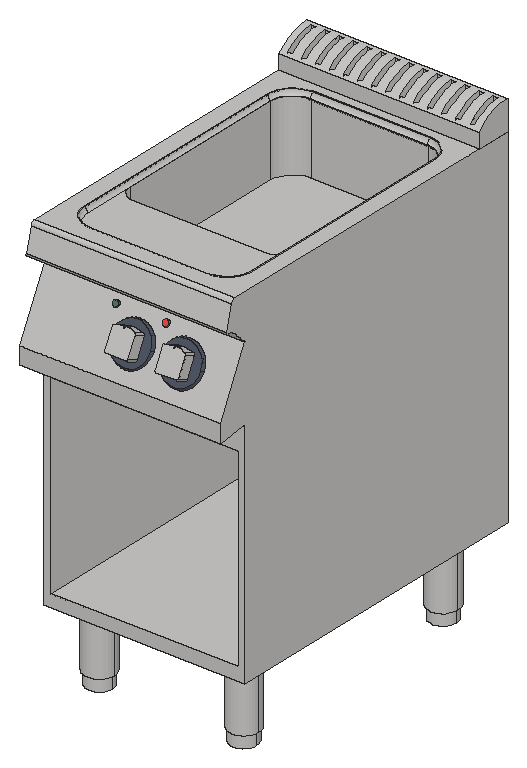
Revit family "QF_ZANUSSI_372109_Z7MFEDDD00", category Specialty Equipment, Revit 2018
Family settings
  Round Connector Dimension = Use Diameter
  Part Type = Normal
  Work Plane-Based = No
  Always vertical = Yes
  Cut with Voids When Loaded = No
  Shared = No
  Room Calculation Point = No
Parameters
  Width = 400 mm  # constant formula
  Weight in Pounds = 88  # constant formula
  Weight = 0.00 kg
  Watts = 5000 W  # constant formula
  Waste Water Discharge Temperature [instance] = -459.67 °F
  Volts = 400 V  # constant formula
  URL Manufacturer = "http://www.zanussiprofessional.com"
  URL Cutsheet = "www.electrolux.com/foodservice"
  URL = "http://www.zanussiprofessional.com"
  Type Mark [instance] = ""
  Steam Supply Size = 0"
  Steam Supply Minimum Pressure = 0.00 psi
  Steam Supply Maximum Pressure = 0.00 psi
  Steam Pounds per Hour = 0
  Status [instance] = ""
  Specification by User [instance] = ""
  Specification by Manufacturer = ""
  Show Logo [instance] = yes
  Show Clearance [instance] = yes
  Serial Number = ""
  Seismic Rating = ""
  SMACNA No = ""
  Revision Code [instance] = ""
  Refrigeration Suction Line Size = 0"
  Refrigeration Liquid Line Size = 0"
  Refrigerant Compressor Remote = yes
  Plumbing Remarks [instance] = ""
  Plumbing Connection Type [instance] = ""
  Phase = 3  # constant formula
  Omniclass Number and Title = ""
  Number of Poles [instance] = 1
  NAFEM Spec ID Number = ""
  Model = "Z7MFEDDD00"
  Min Ckt Ampacity = 0 A
  Max Overcurrent Protection = 0 A
  Masterspec = ""
  Manufacturer = "Zanussi"
  Length Actual = 400 mm  # constant formula
  Item Number [instance] = "372109"
  Installed By [instance] = ""
  Indirect Waste Size = 0"
  Indirect Waste Flow [instance] = 0 GPM
  Indirect Waste Connection Type [instance] = ""
  Indirect Waste Connection Height = 0 mm
  Identify Quantity as Lot [instance] = yes
  Hot Water Size = 0"
  Height Actual = 850 mm  # constant formula
  Height = 333 mm  # constant formula
  HP = "6.7 HP"
  Gas Size = 0"
  Gas KW = 0
  Gas Input = 0.0 Btu/h
  Furnished By [instance] = ""
  Foodservice Equipment Identifier [instance] = yes
  FL Amps = if(Phase = 3, Watts / (Volts * 1.73), Watts / Volts)  # 7.22543 A
  Electrical Remarks [instance] = "400 V/3N ph/50/60 Hz"  # constant formula
  Electric Connection Type [instance] = ""
  Elec Conn RI Height [instance] = 0 mm
  Elec Conn Connection Height [instance] = 0 mm
  Direct Waste Size = 0"
  Description = "11LT EL. MULTIFUNC.COOKER-COMPOUND 400MM"
  Depth Actual = 700 mm  # constant formula
  Depth = 715 mm  # constant formula
  Cycle = if([60 Hertz Option], 60 Hz, 50 Hz)  # 60 Hz
  Conn Plug = ""
  Conn Conduit = yes
  Condensate Return Size = 0"
  Compressed Air Volume = 0 GPM
  Compressed Air Size = 0"
  Compressed Air Pressure = 0.00 psi
  Cold Water Size = 0"
  CSI MasterFormat = ""
  CSI Master Format = ""
  Base Height [instance] = 150 mm  # constant formula
  Apparent Power = if(Phase = 3, Volts * FL Amps * 1.73, Volts * FL Amps)  # 5000 VA
  Accessory = yes
  60 Hertz Option = not([50 Hertz Option])  # yes
  50 Hertz Option = no
Reference planes
  plane 1 "BACK": y = 0
  plane 2: z = 0
  plane 3 "LEFT": x = 0
  plane 4 "RIGHT": x = 400
  plane 5 "FRONT": y = -715
  plane 6 "TOP": z = 908
  plane 7 "Center Y": x = 200
  plane 8 "Center X": y = -357.5
  plane 9 "BASE": z = 600
  plane 10 "TOP A": z = 850
  plane 11: y = -587.387
  plane 12: y = -90
  plane 13: z = 150
Forms (mm)
  Extrusion 1, solid, material "QF_Finishes_Stainless Steel"
    sketch origin (0, 0, 0) x (0, 1, 0) y (0, 0, 1)
      loop
        line (0, 850) -> (-679.358, 850)
        arc (-679.358, 850) -> (-684.643, 847.811) -> (-686.833, 842.526) r 7.474
        line (-686.833, 842.526) -> (-699.884, 797.011)
        arc (-699.884, 797.011) -> (-699.396, 794.379) -> (-697, 793.184) r 3
        line (-697, 793.184) -> (-686.802, 793.184) -> (-654.982, 761.364) -> (-715, 640.508) -> (-715, 605.508) -> (-658.645, 613.428)
        arc (-658.645, 613.428) -> (-656.101, 612.674) -> (-655, 610.259) r 3.2
        line (-655, 610.259) -> (-655, 150) -> (0, 150) -> (0, 850)
    from 0 to 400
  Extrusion 2, void
    sketch origin (0, 0, 850) x (-1, 0, 0) y (0, -1, 0)
      loop
        arc (-83.338, 90.124) -> (-47.982, 104.769) -> (-33.338, 140.124) r 50
        line (-33.338, 140.124) -> (-33.338, 595.265)
        arc (-33.338, 595.265) -> (-47.982, 630.62) -> (-83.338, 645.265) r 50
        line (-83.338, 645.265) -> (-316.662, 645.265)
        arc (-316.662, 645.265) -> (-352.018, 630.62) -> (-366.662, 595.265) r 50
        line (-366.662, 595.265) -> (-366.662, 140.124)
        arc (-366.662, 140.124) -> (-352.018, 104.769) -> (-316.662, 90.124) r 50
        line (-316.662, 90.124) -> (-83.338, 90.124)
    from 0 to -152.4
  Extrusion 3, solid, material "QF_Finishes_Clearance", visible <- "Show Clearance", detail levels coarse
    sketch origin (0, 0, 0) x (1, 0, 0) y (0, 1, 0)
      loop
        line (0, -716.377) -> (0, 0) -> (400, 0) -> (400, -716.377) -> (550.019, -716.377) -> (550.019, 150.019) -> (-150.019, 150.019) -> (-150.019, -716.377) -> (0, -716.377)
    from 0 to 908
  Revolve 4, solid, material "QF_Finishes_Stainless Steel"
    sketch origin (0, -587.387, 608.09) x (0, 0, 1) y (-1, 0, 0)
      loop
        line (-608.09, -56) -> (-458.09, -56) -> (-458.09, -26) -> (-583.09, -26) -> (-583.09, -29.75) -> (-608.09, -29.75) -> (-608.09, -56)
      axis (-608.09, -56) -> (-458.09, -56)
    angle from 0 to 360
  Revolve 5, solid, material "QF_Finishes_Stainless Steel"
    sketch origin (400.05, -587.387, 608.09) x (0, 0, 1) y (-1, 0, 0)
      loop
        line (-608.09, 56.05) -> (-608.09, 29.8) -> (-583.09, 29.8) -> (-583.09, 26.05) -> (-458.09, 26.05) -> (-458.09, 56.05) -> (-608.09, 56.05)
      axis (-608.09, 56.05) -> (-458.09, 56.05)
    angle from 0 to 360
  Revolve 6, solid, material "QF_Finishes_Stainless Steel"
    sketch origin (0, -90, 608.09) x (0, 0, 1) y (-1, 0, 0)
      loop
        line (-608.09, -56) -> (-458.09, -56) -> (-458.09, -26) -> (-583.09, -26) -> (-583.09, -29.75) -> (-608.09, -29.75) -> (-608.09, -56)
      axis (-608.09, -56) -> (-458.09, -56)
    angle from 0 to 360
  Revolve 7, solid, material "QF_Finishes_Stainless Steel"
    sketch origin (400.05, -90, 608.09) x (0, 0, 1) y (-1, 0, 0)
      loop
        line (-608.09, 56.05) -> (-608.09, 29.8) -> (-583.09, 29.8) -> (-583.09, 26.05) -> (-458.09, 26.05) -> (-458.09, 56.05) -> (-608.09, 56.05)
      axis (-608.09, 56.05) -> (-458.09, 56.05)
    angle from 0 to 360
  Extrusion 8, solid, material "QF_Finishes_Stainless Steel"
    sketch origin (-77.88, -4572, 600) x (-1, 0, 0) y (0, -1, 0)
      loop
        circle (-453.88, -4062) r 6.35
      loop
        circle (-211.88, -4016) r 12.7
    from 0 to -12.7
  Extrusion 9, solid, material "QF_Finishes_Stainless Steel"
    sketch origin (-77.88, -4572, 850) x (-1, 0, 0) y (0, -1, 0)
      loop
        line (-111.217, -4431.876) -> (-111.217, -3976.735)
        arc (-111.217, -3976.735) -> (-125.862, -3941.38) -> (-161.217, -3926.735) r 50
        line (-161.217, -3926.735) -> (-394.542, -3926.735)
        arc (-394.542, -3926.735) -> (-429.897, -3941.38) -> (-444.542, -3976.735) r 50
        line (-444.542, -3976.735) -> (-444.542, -4431.876)
        arc (-444.542, -4431.876) -> (-429.897, -4467.231) -> (-394.542, -4481.876) r 50
        line (-394.542, -4481.876) -> (-161.217, -4481.876)
        arc (-161.217, -4481.876) -> (-125.862, -4467.231) -> (-111.217, -4431.876) r 50
      loop
        arc (-439.487, -4431.876) -> (-426.323, -4463.657) -> (-394.542, -4476.821) r 44.945
        line (-394.542, -4476.821) -> (-161.217, -4476.821)
        arc (-161.217, -4476.821) -> (-129.436, -4463.657) -> (-116.272, -4431.876) r 44.945
        line (-116.272, -4431.876) -> (-116.272, -4081.735)
        arc (-116.272, -4081.735) -> (-125.059, -4060.522) -> (-146.272, -4051.735) r 30
        line (-146.272, -4051.735) -> (-409.487, -4051.735)
        arc (-409.487, -4051.735) -> (-430.7, -4060.522) -> (-439.487, -4081.735) r 30
        line (-439.487, -4081.735) -> (-439.487, -4431.876)
    from -12.7 to -152.4
  Sweep 10, solid, material "QF_Finishes_Stainless Steel"
    path origin (0, 0, 850) x (-1, 0, 0) y (0, -1, 0)
      loop
        line (-33.338, 140.124) -> (-33.338, 595.265)
        arc (-33.338, 595.265) -> (-47.982, 630.62) -> (-83.338, 645.265) r 50
        line (-83.338, 645.265) -> (-316.662, 645.265)
        arc (-316.662, 645.265) -> (-352.018, 630.62) -> (-366.662, 595.265) r 50
        line (-366.662, 595.265) -> (-366.662, 140.124)
        arc (-366.662, 140.124) -> (-352.018, 104.769) -> (-316.662, 90.124) r 50
        line (-316.662, 90.124) -> (-83.338, 90.124)
        arc (-83.338, 90.124) -> (-47.982, 104.769) -> (-33.338, 140.124) r 50
    profile origin (33.338, -367.694, 850) x (1, 0, 0) y (0, 0, 1)
      loop
        line (0, 0) -> (0, -10.84) -> (5.055, -10.84)
        arc (5.055, -10.84) -> (1.326, -5.98) -> (0, 0) r 14.151
  Extrusion 11, solid, material "QF_Finishes_Stainless Steel"
    sketch origin (0, 0, 0.762) x (0, 1, 0) y (0, 0, 1)
      loop
        line (0, 849.238) -> (0, 907.238)
        arc (0, 907.238) -> (-38.078, 899.879) -> (-69.85, 877.638) r 93.057
        line (-69.85, 877.638) -> (-69.85, 849.238) -> (0, 849.238)
    from 0 to 400.05
  Extrusion 12, void
    sketch origin (0, 0, 851) x (-1, 0, 0) y (0, -1, 0)
      loop
        line (-13.453, 6.761) -> (-13.453, 63.911) -> (-22.749, 63.911) -> (-22.749, 6.761) -> (-13.453, 6.761)
    from 25.4 to 63.5
  Extrusion 13, void
    sketch origin (400.05, 0, 851) x (1, 0, 0) y (0, 1, 0)
      loop
        line (-13.503, -6.761) -> (-22.799, -6.761) -> (-22.799, -63.911) -> (-13.503, -63.911) -> (-13.503, -6.761)
    from 25.4 to 63.5
  Extrusion 14, void
    sketch origin (27.988, 0, 851) x (-1, 0, 0) y (0, -1, 0)
      loop
        line (-13.453, 6.761) -> (-13.453, 63.911) -> (-22.749, 63.911) -> (-22.749, 6.761) -> (-13.453, 6.761)
    from 25.4 to 63.5
  Extrusion 15, void
    sketch origin (55.977, 0, 851) x (-1, 0, 0) y (0, -1, 0)
      loop
        line (-13.453, 6.761) -> (-13.453, 63.911) -> (-22.749, 63.911) -> (-22.749, 6.761) -> (-13.453, 6.761)
    from 25.4 to 63.5
  Extrusion 16, void
    sketch origin (83.965, 0, 851) x (-1, 0, 0) y (0, -1, 0)
      loop
        line (-13.428, 6.761) -> (-13.428, 63.911) -> (-22.724, 63.911) -> (-22.724, 6.761) -> (-13.428, 6.761)
    from 25.4 to 63.5
  Extrusion 17, void
    sketch origin (111.953, 0, 851) x (-1, 0, 0) y (0, -1, 0)
      loop
        line (-13.428, 6.761) -> (-13.428, 63.911) -> (-22.724, 63.911) -> (-22.724, 6.761) -> (-13.428, 6.761)
    from 25.4 to 63.5
  Extrusion 18, void
    sketch origin (139.942, 0, 851) x (-1, 0, 0) y (0, -1, 0)
      loop
        line (-13.428, 6.761) -> (-13.428, 63.911) -> (-22.724, 63.911) -> (-22.724, 6.761) -> (-13.428, 6.761)
    from 25.4 to 63.5
  Extrusion 19, void
    sketch origin (167.93, 0, 851) x (-1, 0, 0) y (0, -1, 0)
      loop
        line (-13.428, 6.761) -> (-13.428, 63.911) -> (-22.724, 63.911) -> (-22.724, 6.761) -> (-13.428, 6.761)
    from 25.4 to 63.5
  Extrusion 20, void
    sketch origin (195.918, 0, 851) x (-1, 0, 0) y (0, -1, 0)
      loop
        line (-13.428, 6.761) -> (-13.428, 63.911) -> (-22.724, 63.911) -> (-22.724, 6.761) -> (-13.428, 6.761)
    from 25.4 to 63.5
  Extrusion 21, void
    sketch origin (223.907, 0, 851) x (-1, 0, 0) y (0, -1, 0)
      loop
        line (-13.428, 6.761) -> (-13.428, 63.911) -> (-22.724, 63.911) -> (-22.724, 6.761) -> (-13.428, 6.761)
    from 25.4 to 63.5
  Extrusion 22, void
    sketch origin (251.895, 0, 851) x (-1, 0, 0) y (0, -1, 0)
      loop
        line (-13.428, 6.761) -> (-13.428, 63.911) -> (-22.724, 63.911) -> (-22.724, 6.761) -> (-13.428, 6.761)
    from 25.4 to 63.5
  Extrusion 23, void
    sketch origin (279.884, 0, 851) x (-1, 0, 0) y (0, -1, 0)
      loop
        line (-13.403, 6.761) -> (-13.403, 63.911) -> (-22.699, 63.911) -> (-22.699, 6.761) -> (-13.403, 6.761)
    from 25.4 to 63.5
  Extrusion 24, void
    sketch origin (307.872, 0, 851) x (-1, 0, 0) y (0, -1, 0)
      loop
        line (-13.403, 6.761) -> (-13.403, 63.911) -> (-22.699, 63.911) -> (-22.699, 6.761) -> (-13.403, 6.761)
    from 25.4 to 63.5
  Extrusion 25, void
    sketch origin (335.86, 0, 851) x (-1, 0, 0) y (0, -1, 0)
      loop
        line (-13.403, 6.761) -> (-13.403, 63.911) -> (-22.699, 63.911) -> (-22.699, 6.761) -> (-13.403, 6.761)
    from 25.4 to 63.5
  Extrusion 26, void
    sketch origin (0, -645.15, 150) x (0, 0, -1) y (-1, 0, 0)
      loop
        line (-25.4, -387.3) -> (-25.4, -12.7) -> (-411.9, -12.7) -> (-411.9, -387.3) -> (-25.4, -387.3)
    from -9.85 to 570.276
  Blend 27, solid, material "QF_Finishes_Navy Blue"
    base sketch origin (200, -684.991, 700.936) x (1, 0, 0) y (0, 0.444781, 0.895639)
      loop
        circle (0, 0) r 42.5
    top sketch origin (200, -684.991, 700.936) x (1, 0, 0) y (0, 0.444781, 0.895639)
      loop
        circle (0, 0) r 40.5
    from 0 to 5
  Extrusion 28, solid, material "QF_Finishes_Stainless Steel"
    sketch origin (200, -684.991, 700.936) x (1, 0, 0) y (0, 0.444781, 0.895639)
      loop
        arc (-21.147, 22.789) -> (-22.494, 21.685) -> (-23, 20.019) r 2.997
        line (-23, 20.019) -> (-23, -20.019)
        arc (-23, -20.019) -> (-22.122, -22.138) -> (-20.003, -23.016) r 2.997
        line (-20.003, -23.016) -> (20.003, -23.016)
        arc (20.003, -23.016) -> (22.122, -22.138) -> (23, -20.019) r 2.997
        line (23, -20.019) -> (23, 20.019)
        arc (23, 20.019) -> (22.494, 21.685) -> (21.147, 22.789) r 2.997
        arc (21.147, 22.789) -> (0, 26.984) -> (-21.147, 22.789) r 55.4
    from 10 to 34
  Extrusion 29, solid, material "QF_Plastic-Black-Matte"
    sketch origin (257.5, -684.991, 700.936) x (0, 0.444781, 0.895639) y (0, -0.895639, 0.444781)
      loop
        line (26.984, 34) -> (26.984, 19) -> (27.984, 19) -> (27.984, 34)
        arc (27.984, 34) -> (27.691, 34.707) -> (26.984, 35) r 1
        line (26.984, 35) -> (23.984, 35) -> (23.984, 34) -> (26.984, 34)
    from -58.5 to -56.5
  Extrusion 30, solid, material "QF_Finishes_Stainless Steel"
    sketch origin (200, -684.991, 700.936) x (1, 0, 0) y (0, 0.444781, 0.895639)
      loop
        line (17.5, 17.5) -> (-17.5, 17.5) -> (-17.5, -17.5) -> (17.5, -17.5) -> (17.5, 17.5)
    from 5 to 10
  Blend 31, solid, material "QF_Finishes_Navy Blue"
    base sketch origin (300, -684.991, 700.936) x (1, 0, 0) y (0, 0.444781, 0.895639)
      loop
        circle (0, 0) r 42.5
    top sketch origin (300, -684.991, 700.936) x (1, 0, 0) y (0, 0.444781, 0.895639)
      loop
        circle (0, 0) r 40.5
    from 0 to 5
  Extrusion 32, solid, material "QF_Finishes_Stainless Steel"
    sketch origin (300, -684.991, 700.936) x (1, 0, 0) y (0, 0.444781, 0.895639)
      loop
        arc (-21.147, 22.789) -> (-22.494, 21.685) -> (-23, 20.019) r 2.997
        line (-23, 20.019) -> (-23, -20.019)
        arc (-23, -20.019) -> (-22.122, -22.138) -> (-20.003, -23.016) r 2.997
        line (-20.003, -23.016) -> (20.003, -23.016)
        arc (20.003, -23.016) -> (22.122, -22.138) -> (23, -20.019) r 2.997
        line (23, -20.019) -> (23, 20.019)
        arc (23, 20.019) -> (22.494, 21.685) -> (21.147, 22.789) r 2.997
        arc (21.147, 22.789) -> (0, 26.984) -> (-21.147, 22.789) r 55.4
    from 10 to 34
  Extrusion 33, solid, material "QF_Finishes_Stainless Steel"
    sketch origin (300, -684.991, 700.936) x (1, 0, 0) y (0, 0.444781, 0.895639)
      loop
        line (17.5, 17.5) -> (-17.5, 17.5) -> (-17.5, -17.5) -> (17.5, -17.5) -> (17.5, 17.5)
    from 5 to 10
  Extrusion 34, solid, material "QF_Plastic-Black-Matte"
    sketch origin (242.5, -684.991, 700.936) x (0, 0.444781, 0.895639) y (0, 0.895639, -0.444781)
      loop
        line (26.984, -34) -> (23.984, -34) -> (23.984, -35) -> (26.984, -35)
        arc (26.984, -35) -> (27.691, -34.707) -> (27.984, -34) r 1
        line (27.984, -34) -> (27.984, -19) -> (26.984, -19) -> (26.984, -34)
    from -58.5 to -56.5
  Extrusion 35, solid, material "QF_Finishes_DarkGreen"
    sketch origin (205, -662.752, 745.718) x (1, 0, 0) y (0, 0.444781, 0.895639)
      loop
        circle (-55.001, 0) r 6
    from 0 to 1.6
  Extrusion 36, solid, material "QF_Finishes_Red"
    sketch origin (305, -662.752, 745.718) x (1, 0, 0) y (0, 0.444781, 0.895639)
      loop
        circle (-55.001, 0) r 6
    from 0 to 1.6
Cuts and joins
  Extrusion 2, Extrusion 26 cuts Extrusion 1
  Extrusion 12, Extrusion 13, Extrusion 14, Extrusion 15, Extrusion 16, Extrusion 17, Extrusion 18, Extrusion 19, Extrusion 20, Extrusion 21, Extrusion 22, Extrusion 23, Extrusion 24, Extrusion 25, Extrusion 26 cuts Extrusion 3
  Extrusion 12, Extrusion 13, Extrusion 14, Extrusion 15, Extrusion 16, Extrusion 17, Extrusion 18, Extrusion 19, Extrusion 20, Extrusion 21, Extrusion 22, Extrusion 23, Extrusion 24, Extrusion 25 cuts Extrusion 11
Lines and regions (mm)
  Split face 1
    outline origin (200, -689.469, 703.16) x (1, 0, 0) y (0, 0.444781, 0.895639)
      loop
        circle (-34, 0) r 1.5
  Split face 2
    outline origin (200, -689.469, 703.16) x (1, 0, 0) y (0, 0.444781, 0.895639)
      loop
        circle (-30.633, -14.752) r 1.5
  Split face 3
    outline origin (200, -689.469, 703.16) x (1, 0, 0) y (0, 0.444781, 0.895639)
      loop
        circle (-21.199, -26.582) r 1.5
  Split face 4
    outline origin (200, -689.469, 703.16) x (1, 0, 0) y (0, 0.444781, 0.895639)
      loop
        circle (-7.566, -33.148) r 1.5
  Split face 5
    outline origin (200, -689.469, 703.16) x (1, 0, 0) y (0, 0.444781, 0.895639)
      loop
        circle (7.566, -33.148) r 1.5
  Split face 6
    outline origin (200, -689.469, 703.16) x (1, 0, 0) y (0, 0.444781, 0.895639)
      loop
        circle (21.199, -26.582) r 1.5
  Split face 7
    outline origin (200, -689.469, 703.16) x (1, 0, 0) y (0, 0.444781, 0.895639)
      loop
        circle (30.633, -14.752) r 1.5
  Split face 8
    outline origin (200, -689.469, 703.16) x (1, 0, 0) y (0, 0.444781, 0.895639)
      loop
        circle (34, 0) r 1.5
  Split face 9
    outline origin (200, -689.469, 703.16) x (1, 0, 0) y (0, 0.444781, 0.895639)
      loop
        circle (-21.199, 26.582) r 1.5
  Split face 10
    outline origin (300, -689.469, 703.16) x (1, 0, 0) y (0, 0.444781, 0.895639)
      loop
        circle (-34, 0) r 1.5
  Split face 11
    outline origin (300, -689.469, 703.16) x (1, 0, 0) y (0, 0.444781, 0.895639)
      loop
        circle (-30.633, -14.752) r 1.5
  Split face 12
    outline origin (300, -689.469, 703.16) x (1, 0, 0) y (0, 0.444781, 0.895639)
      loop
        circle (-21.199, -26.582) r 1.5
  Split face 13
    outline origin (300, -689.469, 703.16) x (1, 0, 0) y (0, 0.444781, 0.895639)
      loop
        circle (-7.566, -33.148) r 1.5
  Split face 14
    outline origin (300, -689.469, 703.16) x (1, 0, 0) y (0, 0.444781, 0.895639)
      loop
        circle (7.566, -33.148) r 1.5
  Split face 15
    outline origin (300, -689.469, 703.16) x (1, 0, 0) y (0, 0.444781, 0.895639)
      loop
        circle (21.199, -26.582) r 1.5
  Split face 16
    outline origin (300, -689.469, 703.16) x (1, 0, 0) y (0, 0.444781, 0.895639)
      loop
        circle (30.633, -14.752) r 1.5
  Split face 17
    outline origin (300, -689.469, 703.16) x (1, 0, 0) y (0, 0.444781, 0.895639)
      loop
        circle (34, 0) r 1.5
  Split face 18
    outline origin (300, -689.469, 703.16) x (1, 0, 0) y (0, 0.444781, 0.895639)
      loop
        circle (-21.199, 26.582) r 1.5
  Split face 19
    outline origin (300.297, -689.469, 703.16) x (1, 0, 0) y (0, 0.444781, 0.895639)
      loop
        line (-8.901, 38.561) -> (-8.901, 28.561) -> (-2.901, 28.561) -> (-2.901, 38.561) -> (-8.901, 38.561)
  Split face 20
    outline origin (300.297, -689.469, 703.16) x (1, 0, 0) y (0, 0.444781, 0.895639)
      loop
        line (-8.401, 38.061) -> (-8.401, 29.061) -> (-3.401, 29.061) -> (-3.401, 38.061) -> (-8.401, 38.061)
  Split face 21
    outline origin (300.297, -689.469, 703.16) x (1, 0, 0) y (0, 0.444781, 0.895639)
      loop
        line (-8.401, 34.061) -> (-3.401, 34.061)
  Split face 22
    outline origin (300.297, -689.469, 703.16) x (1, 0, 0) y (0, 0.444781, 0.895639)
      loop
        line (-8.401, 33.561) -> (-3.401, 33.561)
  Split face 23
    outline origin (300.297, -689.469, 703.16) x (1, 0, 0) y (0, 0.444781, 0.895639)
      loop
        circle (-5.901, 31.311) r 2.029
  Split face 24
    outline origin (321.665, -686.175, 709.794) x (1, 0, 0) y (0, 0.444781, 0.895639)
      loop
        circle (-21.665, 26.582) r 1.5
  Split face 25
    outline origin (221.665, -686.175, 709.794) x (1, 0, 0) y (0, 0.444781, 0.895639)
      loop
        circle (-21.665, 26.582) r 1.5
  symbolic lines, style "QF-Clearances", visible <- "Show Clearance", detail levels coarse
    curve 1: line (-150.019, 150.019, 850) -> (-150.019, -716.377, 850)
    curve 2: line (550.019, 150.019, 850) -> (-150.019, 150.019, 850)
    curve 3: line (550.019, -716.377, 850) -> (550.019, 150.019, 850)
  symbolic lines
    curve 4: line (0, 0, 850) -> (400, 0, 850)
    curve 5: line (0, -715, 850) -> (0, 0, 850)
    curve 6: line (400, 0, 850) -> (400, -715, 850)
    curve 7: line (0, -69.85, 850) -> (0, -63.012, 850)
    curve 8: arc (361.608, -490.265, 850) -> (352.821, -511.478, 850) -> (331.608, -520.265, 850) r 30
    curve 9: arc (68.392, -520.265, 850) -> (47.179, -511.478, 850) -> (38.392, -490.265, 850) r 30
    curve 10: arc (83.313, -95.179, 850) -> (51.549, -108.336, 850) -> (38.392, -140.099, 850) r 44.92
    curve 11: line (38.392, -140.099, 850) -> (38.392, -595.265, 850)
    curve 12: arc (38.392, -595.265, 850) -> (51.556, -627.046, 850) -> (83.338, -640.21, 850) r 44.945
    curve 13: arc (316.663, -640.21, 850) -> (348.444, -627.046, 850) -> (361.608, -595.265, 850) r 44.945
    curve 14: line (361.608, -595.265, 850) -> (361.608, -140.124, 850)
    curve 15: arc (361.608, -140.124, 850) -> (348.444, -108.343, 850) -> (316.663, -95.179, 850) r 44.945
    curve 16: arc (83.313, -90.124, 850) -> (47.975, -104.761, 850) -> (33.338, -140.099, 850) r 49.975
    curve 17: line (33.338, -140.099, 850) -> (33.338, -595.265, 850)
    curve 18: arc (33.338, -595.265, 850) -> (47.982, -630.62, 850) -> (83.338, -645.265, 850) r 50
    curve 19: arc (316.663, -645.265, 850) -> (352.018, -630.62, 850) -> (366.663, -595.265, 850) r 50
    curve 20: line (366.663, -595.265, 850) -> (366.663, -140.124, 850)
    curve 21: arc (366.663, -140.124, 850) -> (352.018, -104.769, 850) -> (316.663, -90.124, 850) r 50
    curve 22: line (316.663, -90.124, 850) -> (79.418, -90.124, 850)
    curve 23: line (83.338, -645.265, 850) -> (316.663, -645.265, 850)
    curve 24: line (83.338, -640.21, 850) -> (316.663, -640.21, 850)
    curve 25: line (331.608, -520.265, 850) -> (68.392, -520.265, 850)
    curve 26: line (316.663, -95.179, 850) -> (83.313, -95.179, 850)
    curve 27: line (0, -69.85, 850) -> (400, -69.85, 850)
    curve 28: line (22.724, -6.761, 850) -> (22.724, -63.911, 850)
    curve 29: line (22.724, -63.911, 850) -> (13.428, -63.911, 850)
    curve 30: line (13.428, -63.911, 850) -> (13.428, -6.761, 850)
    curve 31: line (13.428, -6.761, 850) -> (22.724, -6.761, 850)
    curve 32: line (386.547, -6.761, 850) -> (386.547, -63.911, 850)
    curve 33: line (386.547, -63.911, 850) -> (377.251, -63.911, 850)
    curve 34: line (377.251, -63.911, 850) -> (377.251, -6.761, 850)
    curve 35: line (377.251, -6.761, 850) -> (386.547, -6.761, 850)
    curve 36: line (50.712, -6.761, 850) -> (50.712, -63.911, 850)
    curve 37: line (50.712, -63.911, 850) -> (41.416, -63.911, 850)
    curve 38: line (41.416, -63.911, 850) -> (41.416, -6.761, 850)
    curve 39: line (41.416, -6.761, 850) -> (50.712, -6.761, 850)
    curve 40: line (78.7, -6.761, 850) -> (78.7, -63.911, 850)
    curve 41: line (78.7, -63.911, 850) -> (69.405, -63.911, 850)
    curve 42: line (69.405, -63.911, 850) -> (69.405, -6.761, 850)
    curve 43: line (69.405, -6.761, 850) -> (78.7, -6.761, 850)
    curve 44: line (106.689, -6.761, 850) -> (106.689, -63.911, 850)
    curve 45: line (106.689, -63.911, 850) -> (97.393, -63.911, 850)
    curve 46: line (97.393, -63.911, 850) -> (97.393, -6.761, 850)
    curve 47: line (97.393, -6.761, 850) -> (106.689, -6.761, 850)
    curve 48: line (134.677, -6.761, 850) -> (134.677, -63.911, 850)
    curve 49: line (134.677, -63.911, 850) -> (125.381, -63.911, 850)
    curve 50: line (125.381, -63.911, 850) -> (125.381, -6.761, 850)
    curve 51: line (125.381, -6.761, 850) -> (134.677, -6.761, 850)
    curve 52: line (162.665, -6.761, 850) -> (162.665, -63.911, 850)
    curve 53: line (162.665, -63.911, 850) -> (153.37, -63.911, 850)
    curve 54: line (153.37, -63.911, 850) -> (153.37, -6.761, 850)
    curve 55: line (153.37, -6.761, 850) -> (162.665, -6.761, 850)
    curve 56: line (190.654, -6.761, 850) -> (190.654, -63.911, 850)
    curve 57: line (190.654, -63.911, 850) -> (181.358, -63.911, 850)
    curve 58: line (181.358, -63.911, 850) -> (181.358, -6.761, 850)
    curve 59: line (181.358, -6.761, 850) -> (190.654, -6.761, 850)
    curve 60: line (218.642, -6.761, 850) -> (218.642, -63.911, 850)
    curve 61: line (218.642, -63.911, 850) -> (209.346, -63.911, 850)
    curve 62: line (209.346, -63.911, 850) -> (209.346, -6.761, 850)
    curve 63: line (209.346, -6.761, 850) -> (218.642, -6.761, 850)
    curve 64: line (246.605, -6.761, 850) -> (246.605, -63.911, 850)
    curve 65: line (246.605, -63.911, 850) -> (237.31, -63.911, 850)
    curve 66: line (237.31, -63.911, 850) -> (237.31, -6.761, 850)
    curve 67: line (237.31, -6.761, 850) -> (246.605, -6.761, 850)
    curve 68: line (274.594, -6.761, 850) -> (274.594, -63.911, 850)
    curve 69: line (274.594, -63.911, 850) -> (265.298, -63.911, 850)
    curve 70: line (265.298, -63.911, 850) -> (265.298, -6.761, 850)
    curve 71: line (265.298, -6.761, 850) -> (274.594, -6.761, 850)
    curve 72: line (302.582, -6.761, 850) -> (302.582, -63.911, 850)
    curve 73: line (302.582, -63.911, 850) -> (293.286, -63.911, 850)
    curve 74: line (293.286, -63.911, 850) -> (293.286, -6.761, 850)
    curve 75: line (293.286, -6.761, 850) -> (302.582, -6.761, 850)
    curve 76: line (330.57, -6.761, 850) -> (330.57, -63.911, 850)
    curve 77: line (330.57, -63.911, 850) -> (321.275, -63.911, 850)
    curve 78: line (321.275, -63.911, 850) -> (321.275, -6.761, 850)
    curve 79: line (321.275, -6.761, 850) -> (330.57, -6.761, 850)
    curve 80: line (358.559, -6.761, 850) -> (358.559, -63.911, 850)
    curve 81: line (358.559, -63.911, 850) -> (349.263, -63.911, 850)
    curve 82: line (349.263, -63.911, 850) -> (349.263, -6.761, 850)
    curve 83: line (349.263, -6.761, 850) -> (358.559, -6.761, 850)
    curve 84: line (0, -700, 0) -> (400.05, -700, 0)
    curve 85: line (177, -700, 0) -> (177, -724.347, 0)
    curve 86: arc (177, -724.347, 0) -> (177.146, -724.811, 0) -> (177.532, -725.107, 0) r 0.809
    curve 87: arc (177.532, -725.107, 0) -> (178.72, -725.587, 0) -> (179.997, -725.68, 0) r 4.127
    curve 88: arc (177, -704.292, 0) -> (171.959, -702.458, 0) -> (167.191, -700, 0) r 42.24
    curve 89: arc (177, -706.539, 0) -> (177.502, -705.818, 0) -> (178.299, -705.448, 0) r 1.682
    curve 90: arc (178.299, -705.448, 0) -> (188.602, -703.95, 0) -> (199, -703.441, 0) r 109.079
    curve 91: line (199, -700, 0) -> (199, -705.671, 0)
    curve 92: line (199, -705.671, 0) -> (201, -705.671, 0)
    curve 93: line (201, -705.671, 0) -> (201, -700, 0)
    curve 94: line (223, -700, 0) -> (223, -724.347, 0)
    curve 95: arc (223, -724.347, 0) -> (222.854, -724.811, 0) -> (222.468, -725.107, 0) r 0.809
    curve 96: arc (222.468, -725.107, 0) -> (221.28, -725.587, 0) -> (220.003, -725.68, 0) r 4.127
    curve 97: arc (223, -704.292, 0) -> (228.041, -702.458, 0) -> (232.809, -700, 0) r 42.24
    curve 98: arc (223, -706.539, 0) -> (222.498, -705.818, 0) -> (221.701, -705.448, 0) r 1.682
    curve 99: arc (221.701, -705.448, 0) -> (211.398, -703.95, 0) -> (201, -703.441, 0) r 109.079
    curve 100: line (179.997, -725.68, 0) -> (220.003, -725.68, 0)
    curve 101: line (323, -700, 0) -> (323, -724.347, 0)
    curve 102: arc (323, -724.347, 0) -> (322.854, -724.811, 0) -> (322.468, -725.107, 0) r 0.809
    curve 103: arc (322.468, -725.107, 0) -> (321.28, -725.587, 0) -> (320.003, -725.68, 0) r 4.127
    curve 104: arc (323, -704.292, 0) -> (328.041, -702.458, 0) -> (332.809, -700, 0) r 42.24
    curve 105: arc (323, -706.539, 0) -> (322.498, -705.818, 0) -> (321.701, -705.448, 0) r 1.682
    curve 106: arc (321.701, -705.448, 0) -> (311.398, -703.95, 0) -> (301, -703.441, 0) r 109.079
    curve 107: line (301, -700, 0) -> (301, -705.671, 0)
    curve 108: line (301, -705.671, 0) -> (299, -705.671, 0)
    curve 109: line (299, -705.671, 0) -> (299, -700, 0)
    curve 110: line (277, -700, 0) -> (277, -724.347, 0)
    curve 111: arc (277, -724.347, 0) -> (277.146, -724.811, 0) -> (277.532, -725.107, 0) r 0.809
    curve 112: arc (277.532, -725.107, 0) -> (278.72, -725.587, 0) -> (279.997, -725.68, 0) r 4.127
    curve 113: arc (277, -704.292, 0) -> (271.959, -702.458, 0) -> (267.191, -700, 0) r 42.24
    curve 114: arc (277, -706.539, 0) -> (277.502, -705.818, 0) -> (278.299, -705.448, 0) r 1.682
    curve 115: arc (278.299, -705.448, 0) -> (288.602, -703.95, 0) -> (299, -703.441, 0) r 109.079
    curve 116: line (320.003, -725.68, 0) -> (279.997, -725.68, 0)
    curve 117: line (223, -715, 0) -> (277, -715, 0)
    curve 118: line (323, -715, 0) -> (400.05, -715, 0)
    curve 119: line (0, -715, 0) -> (177, -715, 0)
Dimensions and locks
  equal spacing: plane 3 "LEFT", plane 7 "Center Y", plane 4 "RIGHT"
  "Width": plane 3 "LEFT" to plane 4 "RIGHT"
  equal spacing: plane 5 "FRONT", plane 8 "Center X", plane 1 "BACK"
  "Depth": plane 5 "FRONT" to plane 1 "BACK"
  plane 1 "BACK" to plane 5 "FRONT" = 715 mm
  plane 10 "TOP A" to plane 9 "BASE" = 250 mm
  "Base Height": plane 13 to level
  locked: plane 10 "TOP A" to plane 13 at 700
  plane 3 "LEFT" to Extrusion 8 sketch curve = 134 mm
  Extrusion 8 sketch curve to plane 1 "BACK" = 556 mm
  Extrusion 8 sketch curve to plane 4 "RIGHT" = 24 mm
  Extrusion 8 sketch curve to plane 1 "BACK" = 510 mm
  plane 6 "TOP" to plane 10 "TOP A" = 58 mm
  aligned and locked: level to plane 2
  aligned and locked: plane 4 "RIGHT" to Extrusion 1
  aligned and locked: plane 6 "TOP" to Extrusion 3
Automatic sketch dimensions
  plane 11 to Extrusion 2 sketch curve = 7.877 mm
  Extrusion 2 sketch curve to plane 4 "RIGHT" = 33.337 mm
  plane 11 to Extrusion 2 sketch curve = 57.877 mm
  plane 12 to Extrusion 2 sketch curve = 0.124 mm
  Extrusion 2 sketch curve to Extrusion 2 sketch curve = 50 mm
  plane 3 "LEFT" to Extrusion 2 sketch curve = 83.338 mm  (x2)
  plane 3 "LEFT" to Extrusion 2 sketch curve = 33.338 mm
  plane 1 "BACK" to Extrusion 3 sketch curve = 0 mm
  Extrusion 3 sketch curve to plane 3 "LEFT" = 0 mm
  Extrusion 3 sketch curve to plane 4 "RIGHT" = 0 mm
  Extrusion 3 sketch curve to plane 3 "LEFT" = 150.019 mm
  plane 5 "FRONT" to Extrusion 3 sketch curve = 1.377 mm  (x2)
  plane 4 "RIGHT" to Extrusion 3 sketch curve = 150.019 mm
  Extrusion 3 sketch curve to plane 1 "BACK" = 150.019 mm
  Revolve 4 sketch curve to level = 0 mm
  Revolve 4 sketch curve to plane 13 = 0 mm  (x2)
  level to Revolve 4 sketch curve = 25 mm
  Revolve 4 sketch curve to Revolve 4 sketch curve = 20 mm
  plane 3 "LEFT" to Revolve 4 sketch curve = 56 mm
  Revolve 4 sketch curve to Revolve 4 sketch curve = 0 mm
  plane 3 "LEFT" to Revolve 4 sketch curve = 29.75 mm
  plane 3 "LEFT" to Revolve 4 sketch curve = 26 mm
  Revolve 5 sketch curve to level = 0 mm
  Revolve 5 sketch curve to plane 13 = 0 mm  (x2)
  level to Revolve 5 sketch curve = 25 mm
  Revolve 5 sketch curve to Revolve 5 sketch curve = 20 mm
  Revolve 5 sketch curve to plane 4 "RIGHT" = 26 mm
  Revolve 5 sketch curve to Revolve 5 sketch curve = 3.75 mm
  Revolve 5 sketch curve to Revolve 5 sketch curve = 30 mm
  Revolve 5 sketch curve to Revolve 5 sketch curve = 0 mm
  Revolve 6 sketch curve to level = 0 mm
  Revolve 6 sketch curve to plane 13 = 0 mm  (x2)
  level to Revolve 6 sketch curve = 25 mm
  Revolve 6 sketch curve to Revolve 6 sketch curve = 20 mm
  plane 3 "LEFT" to Revolve 6 sketch curve = 56 mm
  Revolve 6 sketch curve to Revolve 6 sketch curve = 0 mm
  plane 3 "LEFT" to Revolve 6 sketch curve = 29.75 mm
  plane 3 "LEFT" to Revolve 6 sketch curve = 26 mm
  Revolve 7 sketch curve to level = 0 mm
  Revolve 7 sketch curve to plane 13 = 0 mm  (x2)
  level to Revolve 7 sketch curve = 25 mm
  Revolve 7 sketch curve to Revolve 7 sketch curve = 20 mm
  Revolve 7 sketch curve to plane 4 "RIGHT" = 26 mm
  Revolve 7 sketch curve to Revolve 7 sketch curve = 3.75 mm
  Revolve 7 sketch curve to Revolve 7 sketch curve = 30 mm
  Revolve 7 sketch curve to Revolve 7 sketch curve = 0 mm
  Extrusion 9 sketch curve to plane 4 "RIGHT" = 33.337 mm
  Extrusion 9 sketch curve to plane 4 "RIGHT" = 38.392 mm
  Extrusion 9 sketch curve to Extrusion 9 sketch curve = 44.945 mm
  plane 11 to Extrusion 9 sketch curve = 7.877 mm
  Extrusion 9 sketch curve to Extrusion 9 sketch curve = 50 mm
  Extrusion 9 sketch curve to Extrusion 9 sketch curve = 30 mm  (x2)
  Extrusion 9 sketch curve to Extrusion 9 sketch curve = 0 mm  (x2)
  Extrusion 9 sketch curve to plane 11 = 67.123 mm
  plane 3 "LEFT" to Extrusion 9 sketch curve = 68.392 mm
  plane 12 to Extrusion 9 sketch curve = 50.124 mm
  plane 3 "LEFT" to Extrusion 9 sketch curve = 83.338 mm  (x2)
  plane 12 to Extrusion 9 sketch curve = 0.124 mm
  Extrusion 9 sketch curve to Extrusion 9 sketch curve = 5.055 mm
  plane 11 to Sweep 10 sketch curve = 7.877 mm  (x2)
  Sweep 10 sketch curve to plane 4 "RIGHT" = 33.337 mm
  plane 11 to Sweep 10 sketch curve = 57.877 mm
  plane 12 to Sweep 10 sketch curve = 0.124 mm
  Sweep 10 sketch curve to Sweep 10 sketch curve = 50 mm  (x2)
  plane 3 "LEFT" to Sweep 10 sketch curve = 83.338 mm
  profile plane to Sweep 10 sketch curve = 0 mm
  Sweep 10 sketch curve to plane 10 "TOP A" = 0 mm
  Sweep 10 sketch curve to profile plane = 5.055 mm
  Sweep 10 sketch curve to profile plane = 14.151 mm
  Extrusion 11 sketch curve to plane 10 "TOP A" = 0 mm
  Extrusion 11 sketch curve to plane 1 "BACK" = 0 mm
  plane 1 "BACK" to Extrusion 11 sketch curve = 1.769 mm
  Extrusion 11 sketch curve to plane 12 = 20.15 mm
  Extrusion 11 sketch curve to plane 10 "TOP A" = 35.04 mm
  plane 10 "TOP A" to Extrusion 11 sketch curve = 28.4 mm
  plane 1 "BACK" to Extrusion 12 sketch curve = 6.761 mm
  plane 3 "LEFT" to Extrusion 12 sketch curve = 22.749 mm
  Extrusion 12 sketch curve to Extrusion 12 sketch curve = 9.296 mm
  Extrusion 12 sketch curve to plane 12 = 26.089 mm
  Extrusion 13 sketch curve to plane 1 "BACK" = 6.761 mm
  plane 4 "RIGHT" to Extrusion 13 sketch curve = 22.749 mm
  Extrusion 13 sketch curve to Extrusion 13 sketch curve = 9.296 mm
  plane 12 to Extrusion 13 sketch curve = 26.089 mm
  plane 1 "BACK" to Extrusion 14 sketch curve = 6.761 mm
  plane 3 "LEFT" to Extrusion 14 sketch curve = 50.737 mm
  Extrusion 14 sketch curve to Extrusion 14 sketch curve = 9.296 mm
  Extrusion 14 sketch curve to plane 12 = 26.089 mm
  plane 1 "BACK" to Extrusion 15 sketch curve = 6.761 mm
  plane 3 "LEFT" to Extrusion 15 sketch curve = 78.725 mm
  Extrusion 15 sketch curve to Extrusion 15 sketch curve = 9.296 mm
  Extrusion 15 sketch curve to plane 12 = 26.089 mm
  plane 1 "BACK" to Extrusion 16 sketch curve = 6.761 mm
  Extrusion 16 sketch curve to plane 7 "Center Y" = 93.311 mm
  Extrusion 16 sketch curve to Extrusion 16 sketch curve = 9.296 mm
  Extrusion 16 sketch curve to plane 12 = 26.089 mm
  plane 1 "BACK" to Extrusion 17 sketch curve = 6.761 mm
  Extrusion 17 sketch curve to plane 7 "Center Y" = 65.323 mm
  Extrusion 17 sketch curve to Extrusion 17 sketch curve = 9.296 mm
  Extrusion 17 sketch curve to plane 12 = 26.089 mm
  plane 1 "BACK" to Extrusion 18 sketch curve = 6.761 mm
  Extrusion 18 sketch curve to plane 7 "Center Y" = 37.335 mm
  Extrusion 18 sketch curve to Extrusion 18 sketch curve = 9.296 mm
  Extrusion 18 sketch curve to plane 12 = 26.089 mm
  Extrusion 19 sketch curve to plane 7 "Center Y" = 9.346 mm
  Extrusion 19 sketch curve to Extrusion 19 sketch curve = 9.296 mm
  plane 1 "BACK" to Extrusion 19 sketch curve = 6.761 mm
  Extrusion 19 sketch curve to plane 12 = 26.089 mm
  plane 1 "BACK" to Extrusion 20 sketch curve = 6.761 mm
  plane 7 "Center Y" to Extrusion 20 sketch curve = 18.642 mm
  Extrusion 20 sketch curve to Extrusion 20 sketch curve = 9.296 mm
  Extrusion 20 sketch curve to plane 12 = 26.089 mm
  plane 1 "BACK" to Extrusion 21 sketch curve = 6.761 mm
  plane 7 "Center Y" to Extrusion 21 sketch curve = 46.63 mm
  Extrusion 21 sketch curve to Extrusion 21 sketch curve = 9.296 mm
  Extrusion 21 sketch curve to plane 12 = 26.089 mm
  plane 1 "BACK" to Extrusion 22 sketch curve = 6.761 mm
  plane 7 "Center Y" to Extrusion 22 sketch curve = 74.619 mm
  Extrusion 22 sketch curve to Extrusion 22 sketch curve = 9.296 mm
  Extrusion 22 sketch curve to plane 12 = 26.089 mm
  plane 1 "BACK" to Extrusion 23 sketch curve = 6.761 mm
  Extrusion 23 sketch curve to plane 4 "RIGHT" = 97.418 mm
  Extrusion 23 sketch curve to Extrusion 23 sketch curve = 9.296 mm
  Extrusion 23 sketch curve to plane 12 = 26.089 mm
  plane 1 "BACK" to Extrusion 24 sketch curve = 6.761 mm
  Extrusion 24 sketch curve to plane 4 "RIGHT" = 69.43 mm
  Extrusion 24 sketch curve to Extrusion 24 sketch curve = 9.296 mm
  Extrusion 24 sketch curve to plane 12 = 26.089 mm
  plane 1 "BACK" to Extrusion 25 sketch curve = 6.761 mm
  Extrusion 25 sketch curve to plane 4 "RIGHT" = 41.441 mm
  Extrusion 25 sketch curve to Extrusion 25 sketch curve = 9.296 mm
  Extrusion 25 sketch curve to plane 12 = 26.089 mm
  Extrusion 1 sketch curve to plane 10 "TOP A" = 0 mm
  Extrusion 1 sketch curve to plane 13 = 0 mm
  Extrusion 1 sketch curve to plane 5 "FRONT" = 715 mm
  Extrusion 1 sketch curve to plane 10 "TOP A" = 88.636 mm
  Extrusion 1 sketch curve to Extrusion 1 sketch curve = 654.982 mm
  Extrusion 1 sketch curve to Extrusion 1 sketch curve = 0.018 mm
  Extrusion 1 sketch curve to Extrusion 1 sketch curve = 3.2 mm
  plane 9 "BASE" to Extrusion 1 sketch curve = 13.428 mm
  Extrusion 1 sketch curve to Extrusion 1 sketch curve = 0.445 mm
  Extrusion 1 sketch curve to Extrusion 1 sketch curve = 24.376 mm
  Extrusion 1 sketch curve to plane 10 "TOP A" = 56.816 mm
  Extrusion 1 sketch curve to Extrusion 1 sketch curve = 31.82 mm
  Extrusion 1 sketch curve to plane 10 "TOP A" = 7.474 mm
  Extrusion 1 sketch curve to Extrusion 1 sketch curve = 10.198 mm
  Extrusion 1 sketch curve to plane 10 "TOP A" = 52.989 mm
  Extrusion 1 sketch curve to Extrusion 1 sketch curve = 2.884 mm
  plane 9 "BASE" to Extrusion 1 sketch curve = 5.508 mm
  Extrusion 1 sketch curve to Extrusion 1 sketch curve = 35 mm
  Extrusion 1 sketch curve to Extrusion 1 sketch curve = 56.355 mm
  Extrusion 26 sketch curve to plane 4 "RIGHT" = 12.7 mm
  Extrusion 26 sketch curve to plane 9 "BASE" = 38.1 mm
  plane 13 to Extrusion 26 sketch curve = 25.4 mm
  plane 3 "LEFT" to Extrusion 26 sketch curve = 12.7 mm
  plane 3 "LEFT" to Blend 27 sketch curve = 200 mm  (x2)
  plane 3 "LEFT" to Extrusion 28 sketch curve = 177 mm
  Extrusion 28 sketch curve to Extrusion 28 sketch curve = 2.997 mm  (x3)
  Extrusion 28 sketch curve to Extrusion 28 sketch curve = 20.003 mm  (x2)
  plane 3 "LEFT" to Extrusion 28 sketch curve = 220.003 mm
  Extrusion 28 sketch curve to Extrusion 28 sketch curve = 5.399 mm
  Extrusion 28 sketch curve to Extrusion 28 sketch curve = 40.037 mm
  Extrusion 28 sketch curve to Extrusion 28 sketch curve = 0 mm  (x2)
  Extrusion 29 sketch curve to plane 5 "FRONT" = 9.329 mm
  Extrusion 29 sketch curve to plane 10 "TOP A" = 112.016 mm
  Extrusion 29 sketch curve to Extrusion 29 sketch curve = 3 mm
  Extrusion 29 sketch curve to Extrusion 29 sketch curve = 0 mm  (x2)
  Extrusion 29 sketch curve to Extrusion 29 sketch curve = 1 mm
  Extrusion 29 sketch curve to Extrusion 29 sketch curve = 15 mm
  plane 3 "LEFT" to Extrusion 30 sketch curve = 182.5 mm
  Extrusion 30 sketch curve to Extrusion 30 sketch curve = 35 mm  (x2)
  plane 3 "LEFT" to Blend 31 sketch curve = 300 mm  (x2)
  plane 3 "LEFT" to Extrusion 32 sketch curve = 277 mm
  Extrusion 32 sketch curve to Extrusion 32 sketch curve = 2.997 mm  (x3)
  Extrusion 32 sketch curve to Extrusion 32 sketch curve = 20.003 mm  (x2)
  Extrusion 32 sketch curve to Extrusion 32 sketch curve = 40.005 mm
  Extrusion 32 sketch curve to Extrusion 32 sketch curve = 5.399 mm
  Extrusion 32 sketch curve to Extrusion 32 sketch curve = 40.037 mm
  Extrusion 32 sketch curve to Extrusion 32 sketch curve = 0 mm  (x2)
  plane 3 "LEFT" to Extrusion 33 sketch curve = 282.5 mm
  Extrusion 33 sketch curve to Extrusion 33 sketch curve = 35 mm  (x2)
  Extrusion 34 sketch curve to plane 5 "FRONT" = 9.329 mm
  Extrusion 34 sketch curve to plane 10 "TOP A" = 112.016 mm
  Extrusion 34 sketch curve to Extrusion 34 sketch curve = 3 mm
  Extrusion 34 sketch curve to Extrusion 34 sketch curve = 0 mm
  Extrusion 34 sketch curve to Extrusion 34 sketch curve = 1 mm  (x2)
  Extrusion 34 sketch curve to Extrusion 34 sketch curve = 15 mm
  plane 3 "LEFT" to Extrusion 35 sketch curve = 149.999 mm
  plane 3 "LEFT" to Extrusion 36 sketch curve = 249.999 mm
  Split face 19 sketch curve to Split face 19 sketch curve = 6 mm
  Split face 19 sketch curve to Split face 19 sketch curve = 10 mm
  Split face 20 sketch curve to Split face 20 sketch curve = 5 mm
  Split face 20 sketch curve to Split face 20 sketch curve = 9 mm
  Split face 21 sketch curve to Split face 21 sketch curve = 5 mm
  Split face 22 sketch curve to Split face 22 sketch curve = 5 mm
  curve 119 to plane 3 "LEFT" = 0 mm
  curve 84 to plane 3 "LEFT" = 0 mm
  curve 86 to curve 89 = 0.774 mm
  curve 86 to curve 87 = 1.846 mm
  curve 89 to curve 88 = 10.309 mm
  curve 90 to curve 99 = 1.738 mm
  curve 88 to curve 97 = 22.215 mm
  plane 7 "Center Y" to curve 96 = 20.346 mm
  curve 96 to curve 98 = 1.071 mm
  curve 96 to curve 95 = 1.846 mm
  plane 7 "Center Y" to curve 111 = 77.809 mm
  curve 111 to curve 114 = 0.774 mm
  curve 111 to curve 112 = 1.846 mm
  curve 114 to curve 113 = 10.309 mm
  plane 7 "Center Y" to curve 115 = 99.131 mm
  curve 115 to curve 106 = 1.738 mm
  curve 113 to curve 104 = 22.215 mm
  curve 103 to curve 105 = 1.071 mm
  plane 5 "FRONT" to curve 90 = 97.519 mm
  curve 90 to curve 99 = 0 mm
  curve 99 to curve 106 = 0 mm
  curve 115 to curve 106 = 0 mm
  curve 86 to curve 95 = 0 mm
  curve 111 to curve 102 = 0 mm
  curve 103 to curve 105 = 14.462 mm
  curve 87 to curve 89 = 14.462 mm
  curve 88 to curve 97 = 0 mm
  curve 113 to curve 104 = 0 mm
  curve 88 to curve 89 = 11.392 mm
  curve 86 to curve 86 = 0.809 mm
  curve 86 to curve 86 = 0.277 mm
  curve 89 to curve 89 = 0.284 mm
  curve 87 to curve 87 = 2.465 mm
  curve 89 to curve 91 = 20.417 mm
  curve 90 to curve 99 = 2 mm
  curve 100 to curve 95 = 2.189 mm
  curve 98 to curve 99 = 0.284 mm
  curve 95 to curve 95 = 0.277 mm
  curve 99 to curve 97 = 1.299 mm
  curve 94 to curve 97 = 9.809 mm
  curve 113 to curve 114 = 11.392 mm
  curve 111 to curve 111 = 0.277 mm
  curve 115 to curve 114 = 0.284 mm
  curve 112 to curve 112 = 2.465 mm
  curve 114 to curve 115 = 20.417 mm
  curve 115 to curve 106 = 2 mm
  curve 103 to curve 102 = 2.189 mm
  curve 105 to curve 106 = 0.284 mm
  curve 102 to curve 102 = 0.277 mm
  curve 106 to curve 104 = 1.299 mm
  curve 102 to curve 102 = 0.809 mm
  curve 101 to curve 104 = 9.809 mm
  plane 4 "RIGHT" to curve 84 = 0.05 mm
  plane 4 "RIGHT" to curve 118 = 0.05 mm
  curve 96 to curve 95 = 0.573 mm
  curve 112 to curve 111 = 0.573 mm
  curve 103 to curve 102 = 0.573 mm
  curve 87 to curve 119 = 6.567 mm
  curve 96 to curve 117 = 6.567 mm
  curve 101 to curve 118 = 9.347 mm
  curve 98 to curve 98 = 0.567 mm
  curve 114 to curve 114 = 0.567 mm
  curve 89 to curve 89 = 0.567 mm
  curve 105 to curve 105 = 0.567 mm
  curve 98 to curve 93 = 1.435 mm
  curve 114 to curve 109 = 1.435 mm
  curve 99 to curve 97 = 1.156 mm
  curve 115 to curve 113 = 1.156 mm
  curve 90 to curve 88 = 1.156 mm
  curve 106 to curve 104 = 1.156 mm
  curve 90 to curve 91 = 3.441 mm
  curve 97 to curve 94 = 4.292 mm
  curve 113 to curve 110 = 4.292 mm
  curve 104 to curve 101 = 4.292 mm
  curve 115 to curve 109 = 3.441 mm
  curve 88 to curve 85 = 4.292 mm
  curve 10 to curve 16 = 0 mm  (x2)
  curve 12 to curve 18 = 0 mm  (x2)
  curve 13 to curve 19 = 0 mm  (x2)
  curve 15 to curve 21 = 0 mm
  curve 6 to plane 4 "RIGHT" = 0 mm
  curve 27 to plane 3 "LEFT" = 0 mm
  curve 7 to plane 3 "LEFT" = 0 mm
  plane 1 "BACK" to curve 5 = 0 mm
  plane 5 "FRONT" to curve 5 = 0 mm
  plane 5 "FRONT" to curve 6 = 0 mm
  plane 4 "RIGHT" to curve 3 = 150.019 mm
  curve 33 to plane 4 "RIGHT" = 13.453 mm
  curve 32 to curve 35 = 9.296 mm
  curve 20 to plane 4 "RIGHT" = 33.337 mm
  curve 19 to curve 14 = 5.055 mm
  plane 1 "BACK" to curve 80 = 6.761 mm
  curve 34 to curve 80 = 18.693 mm
  curve 80 to curve 81 = 9.296 mm
  curve 8 to curve 25 = 30 mm
  plane 1 "BACK" to curve 76 = 6.761 mm
  curve 82 to curve 76 = 18.693 mm
  curve 76 to curve 79 = 9.296 mm
  plane 11 to curve 19 = 7.877 mm
  curve 13 to curve 19 = 44.945 mm
  plane 12 to curve 26 = 5.179 mm
  curve 77 to curve 26 = 4.612 mm
  curve 77 to curve 73 = 18.693 mm
  curve 72 to curve 74 = 9.296 mm
  curve 73 to curve 69 = 18.693 mm
  curve 68 to curve 71 = 9.296 mm
  curve 69 to curve 64 = 18.693 mm
  curve 64 to curve 65 = 9.296 mm
  plane 1 "BACK" to curve 63 = 6.761 mm
  plane 7 "Center Y" to curve 63 = 18.642 mm
  curve 60 to curve 62 = 9.296 mm
  curve 57 to plane 7 "Center Y" = 9.346 mm
  curve 56 to curve 59 = 9.296 mm
  curve 57 to curve 52 = 18.693 mm
  curve 52 to curve 54 = 9.296 mm
  curve 53 to curve 49 = 18.693 mm
  curve 48 to curve 51 = 9.296 mm
  plane 1 "BACK" to curve 44 = 6.761 mm
  curve 50 to curve 44 = 18.693 mm
  curve 44 to curve 46 = 9.296 mm
  plane 3 "LEFT" to curve 24 = 83.338 mm
  curve 45 to curve 10 = 14.08 mm
  curve 45 to curve 40 = 18.693 mm
  curve 40 to curve 42 = 9.296 mm
  plane 3 "LEFT" to curve 25 = 68.392 mm
  plane 1 "BACK" to curve 36 = 6.761 mm
  curve 42 to curve 36 = 18.693 mm
  curve 36 to curve 37 = 9.296 mm
  plane 3 "LEFT" to curve 11 = 38.392 mm
  curve 37 to curve 28 = 18.693 mm
  curve 28 to curve 31 = 9.296 mm
  curve 1 to plane 3 "LEFT" = 150.019 mm
  curve 2 to plane 1 "BACK" = 150.019 mm
  plane 1 "BACK" to curve 55 = 6.761 mm
  plane 1 "BACK" to curve 51 = 6.761 mm
  plane 1 "BACK" to curve 75 = 6.761 mm
  plane 1 "BACK" to curve 43 = 6.761 mm
  plane 1 "BACK" to curve 71 = 6.761 mm
  plane 1 "BACK" to curve 67 = 6.761 mm
  plane 1 "BACK" to curve 35 = 6.761 mm
  plane 1 "BACK" to curve 31 = 6.761 mm
  plane 1 "BACK" to curve 59 = 6.761 mm
  curve 28 to plane 12 = 26.089 mm
  curve 57 to plane 12 = 26.089 mm
  curve 60 to plane 12 = 26.089 mm
  curve 32 to plane 12 = 26.089 mm
  curve 64 to plane 12 = 26.089 mm
  curve 36 to plane 12 = 26.089 mm
  curve 68 to plane 12 = 26.089 mm
  curve 40 to plane 12 = 26.089 mm
  curve 72 to plane 12 = 26.089 mm
  curve 44 to plane 12 = 26.089 mm
  curve 76 to plane 12 = 26.089 mm
  curve 48 to plane 12 = 26.089 mm
  curve 80 to curve 33 = 0 mm
  curve 52 to curve 57 = 0 mm
  curve 8 to plane 11 = 97.123 mm
  curve 16 to curve 22 = 3.895 mm
  curve 7 to curve 29 = 0.898 mm
  curve 7 to curve 27 = 6.838 mm
  curve 7 to curve 27 = 0 mm
  plane 5 "FRONT" to curve 1 = 1.377 mm
  plane 5 "FRONT" to curve 3 = 1.377 mm
  radius of Extrusion 8 sketch curve = 6.35 mm
  radius of Extrusion 8 sketch curve = 12.7 mm
  radius of Blend 27 sketch curve = 42.5 mm
  radius of Blend 27 sketch curve = 40.5 mm
  radius of Split face 1 sketch curve = 1.5 mm
  radius of Split face 2 sketch curve = 1.5 mm
  radius of Split face 3 sketch curve = 1.5 mm
  radius of Split face 4 sketch curve = 1.5 mm
  radius of Split face 5 sketch curve = 1.5 mm
  radius of Split face 6 sketch curve = 1.5 mm
  radius of Split face 7 sketch curve = 1.5 mm
  radius of Split face 8 sketch curve = 1.5 mm
  radius of Split face 9 sketch curve = 1.5 mm
  radius of Blend 31 sketch curve = 42.5 mm
  radius of Blend 31 sketch curve = 40.5 mm
  radius of Split face 10 sketch curve = 1.5 mm
  radius of Split face 11 sketch curve = 1.5 mm
  radius of Split face 12 sketch curve = 1.5 mm
  radius of Split face 13 sketch curve = 1.5 mm
  radius of Split face 14 sketch curve = 1.5 mm
  radius of Split face 15 sketch curve = 1.5 mm
  radius of Split face 16 sketch curve = 1.5 mm
  radius of Split face 17 sketch curve = 1.5 mm
  radius of Split face 18 sketch curve = 1.5 mm
  radius of Extrusion 35 sketch curve = 6 mm
  radius of Extrusion 36 sketch curve = 6 mm
  radius of Split face 23 sketch curve = 2.029 mm
  radius of Split face 24 sketch curve = 1.5 mm
  radius of Split face 25 sketch curve = 1.5 mm
Connectors
  piping at (134, -556, 587.3), diameter 25.4
    settings: on Extrusion 8, index 2, connector inside diameter 1", connector length 0 mm, flow factor 0, pipe flow 0 GPM, pressure drop 0.00 psi, fitting loss kfactor 0, connector angle 0.00°, fixture units 0, engagement length 0 mm, angle of deflection 0.00°, flow configuration 1, flow direction 2, fitting loss method 0, system type 16, joint type 0, gender type 0, connector reference index -1, connector utility 0, adjustable connector no, is connector primary yes, connector description "Drain"
  electrical at (376, -510, 587.3), driven by "Volts", driven by "Watts"
    settings: on Extrusion 8, index 3, voltage 400 V, apparent load 5000 VA, apparent load phase1 0 VA, apparent load phase2 0 VA, apparent load phase3 0 VA, power factor 1, load classification "Other", number of poles 1, system type 30, power factor state 1, is connector primary yes, connector utility no, sub classification motor no, connector description "Electrical Connection"
